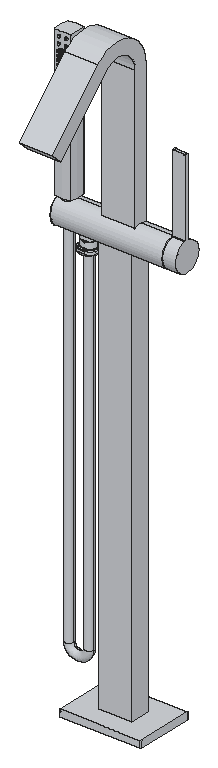
Revit family "Faucet-Bath_Filler-KOHLER-LOURE-K-8147T", category Plumbing Fixtures, host Face, Revit 2017 (continued)
Definition of nested family "K-8147T"
  Automatic sketch dimensions
    radius of curve 318 = 0.05906"
    radius of curve 319 = 0.02559"
    radius of curve 320 = 0.05906"
    radius of curve 321 = 0.02559"
    radius of curve 322 = 0.05906"
    radius of curve 323 = 0.02559"
    radius of curve 324 = 0.05906"
    radius of curve 325 = 0.02559"
    radius of curve 326 = 0.05906"
    radius of curve 327 = 0.02559"
    radius of curve 328 = 0.05906"
    radius of curve 329 = 0.02559"
    radius of curve 330 = 0.05906"
    radius of curve 331 = 0.02559"
    radius of curve 332 = 0.05906"
    radius of curve 333 = 0.02559"
    radius of curve 334 = 0.05906"
    radius of curve 335 = 0.02559"
    radius of curve 336 = 0.05906"
    radius of curve 337 = 0.02559"
    radius of curve 338 = 0.05906"
    radius of curve 339 = 0.02559"
    radius of curve 340 = 0.05906"
    radius of curve 341 = 0.02559"
    radius of curve 342 = 0.05906"
    radius of curve 343 = 0.02559"
    radius of curve 344 = 0.05906"
    radius of curve 345 = 0.02559"
    radius of curve 346 = 0.05906"
    radius of curve 347 = 0.02559"
    radius of curve 348 = 0.05906"
    radius of curve 349 = 0.02559"
    radius of curve 410 = 0.05906"
    radius of curve 411 = 0.02559"
    radius of curve 412 = 0.05906"
    radius of curve 413 = 0.02559"
    radius of curve 414 = 0.05906"
    radius of curve 415 = 0.02559"
    radius of curve 416 = 0.05906"
    radius of curve 417 = 0.02559"
    radius of curve 418 = 0.05906"
    radius of curve 419 = 0.02559"
    radius of curve 420 = 0.05906"
    radius of curve 421 = 0.02559"
    radius of curve 422 = 0.05906"
    radius of curve 423 = 0.02559"
    radius of curve 424 = 0.05906"
    radius of curve 425 = 0.02559"
    radius of curve 426 = 0.05906"
    radius of curve 427 = 0.02559"
    radius of curve 428 = 0.05906"
    radius of curve 429 = 0.02559"
    radius of curve 430 = 0.05906"
    radius of curve 431 = 0.02559"
    radius of curve 432 = 0.05906"
    radius of curve 433 = 0.02559"
    radius of curve 434 = 0.05906"
    radius of curve 435 = 0.02559"
    radius of curve 436 = 0.05906"
    radius of curve 437 = 0.02559"
    radius of curve 438 = 0.05906"
    radius of curve 439 = 0.02559"
    radius of curve 440 = 0.05906"
    radius of curve 441 = 0.02559"
    radius of curve 442 = 0.05906"
    radius of curve 443 = 0.02559"
    radius of curve 504 = 0.05906"
    radius of curve 505 = 0.02559"
    radius of curve 506 = 0.05906"
    radius of curve 507 = 0.02559"
    radius of curve 508 = 0.05906"
    radius of curve 509 = 0.02559"
    radius of curve 510 = 0.05906"
    radius of curve 511 = 0.02559"
    radius of curve 512 = 0.05906"
    radius of curve 513 = 0.02559"
    radius of curve 514 = 0.05906"
    radius of curve 515 = 0.02559"
    radius of curve 516 = 0.05906"
    radius of curve 517 = 0.02559"
    radius of curve 518 = 0.05906"
    radius of curve 519 = 0.02559"
    radius of curve 520 = 0.05906"
    radius of curve 521 = 0.02559"
    radius of curve 522 = 0.05906"
    radius of curve 523 = 0.02559"
    radius of curve 524 = 0.05906"
    radius of curve 525 = 0.02559"
    radius of curve 526 = 0.05906"
    radius of curve 527 = 0.02559"
    radius of curve 528 = 0.05906"
    radius of curve 529 = 0.02559"
    radius of curve 530 = 0.05906"
    radius of curve 531 = 0.02559"
    radius of curve 532 = 0.05906"
    radius of curve 533 = 0.02559"
    radius of curve 534 = 0.05906"
    radius of curve 535 = 0.02559"
    radius of curve 536 = 0.05906"
    radius of curve 537 = 0.02559"
    radius of Extrusion 19 sketch curve = 0.43307"
    radius of Extrusion 22 sketch curve = 0.15748"  (x2)
